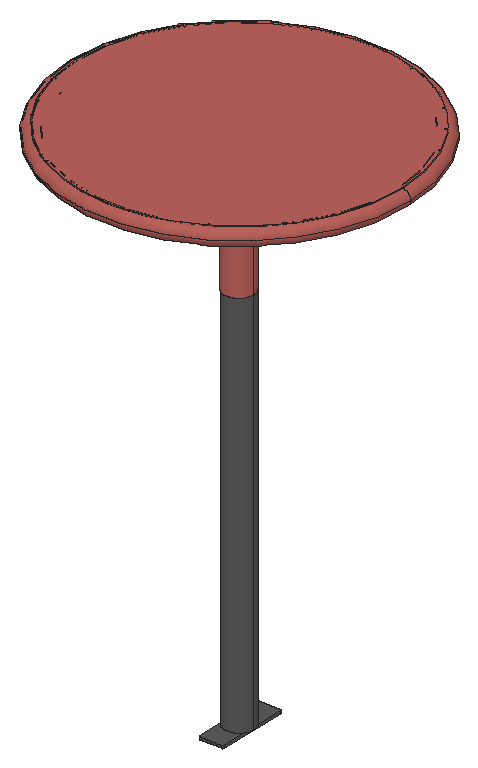
Revit family "product code 61406-F", category Meble, Revit 2021
Family settings
  Numer OmniClass = 23.40.20.00
  Tytuł OmniClass = General Furniture and Specialties
  Oparty na płaszczyźnie roboczej = Nie
  Zawsze pionowo = Tak
  Tnij formami wycięć po wczytaniu = Nie
  Współdzielony = Nie
  Punkt obliczania pomieszczeń = Nie
Parameters (values of type "Sydhavn")
  metal = Kobenhagen RAL 3000
  Width = "70 cm"
  Weight = "25 kg"
  URL = "https://kobenhagen.com/en_US/p/Sydhavn-Stool-30-cm/237"
  Product Line = "Sydhavn"
  Product Groups = "Stools"
  Producent = "Lars Laj"
  Keynote = ""
  Opis = "Sydhavn Stool 30 cm"
  Model = "61406-F"
  Material = "Powder coated steel"
  Maintenance = "We recommend to examine and tighten all screws and bolt clamps after a few weeks’ use. In order to prevent cracks and to extend the life of the wood, it is recommended that the wood details should be oiled every 3-5 years."
  Lenght = "70 cm"
  Type Comments = ""
  Kobenhagen Materials = "larslaj.com/bim"
  Hosted on larslaj.com = "https://larslaj.com/bim"
  Height = "30 cm"
  Domyślna rzędna = 0 mm
  Copyright = "All designs and drawings are the intellectual property of Lars Laj A/S and are protected by Danish and international copyright laws."
Reference planes
  plane 1: z = 0
  plane 2 "Środek (Lewa/Prawa)": x = 0
  plane 3 "Góra": z = 1062.347
  plane 4 "Środek": y = 257.204
Forms (mm)
  Extrusion 1, solid, material "Kobenhagen RAL 3000" <- "metal", not visible
    sketch origin (0, 0, 0) x (0, 1, 0) y (0, 0, 1)
      loop
        arc (71.187, 451.5) -> (57.045, 445.642) -> (51.187, 431.5) r 20
        line (51.187, 431.5) -> (51.187, 18.231)
        arc (51.187, 18.231) -> (56.527, 5.34) -> (69.418, 0) r 18.231
        line (69.418, 0) -> (153.638, 0) -> (153.638, 15) -> (448.638, 15) -> (448.638, 0) -> (527.023, 0)
        arc (527.023, 0) -> (542.307, 6.331) -> (548.638, 21.615) r 21.615
        line (548.638, 21.615) -> (548.638, 429.407)
        arc (548.638, 429.407) -> (542.168, 445.029) -> (526.545, 451.5) r 22.093
        line (526.545, 451.5) -> (71.187, 451.5)
    from 750.378 to 745
  Extrusion 2, solid, material "Kobenhagen RAL 3000" <- "metal", not visible
    sketch origin (0, 0, 0) x (0, 1, 0) y (0, 0, 1)
      loop
        line (548.638, 396.844) -> (629.375, 854.725) -> (601.836, 859.581)
        arc (601.836, 859.581) -> (585.224, 855.898) -> (576.082, 841.547) r 22.232
        line (576.082, 841.547) -> (507.306, 451.5) -> (526.545, 451.5)
        arc (526.545, 451.5) -> (542.168, 445.029) -> (548.638, 429.407) r 22.093
        line (548.638, 429.407) -> (548.638, 396.844)
    from 745 to 750.378
  Extrusion 3, solid, material "Kobenhagen RAL 3000" <- "metal"
    sketch origin (396.607, -18.452, 868.765) x (0, -1, 0) y (1, 0, 0)
      loop
        circle (-275.327, -399.004) r 30.15
      loop
        circle (-275.327, -399.004) r 28.15
    from -599.765 to -868.765
  Extrusion 4, solid, material "Painted Black"
    sketch origin (695.879, -21.874, 0) x (1, 0, 0) y (0, 1, 0)
      loop
        line (-722.97, 354.396) -> (-722.97, 210.396)
        arc (-722.97, 210.396) -> (-722.091, 208.274) -> (-719.97, 207.396) r 3
        line (-719.97, 207.396) -> (-675.97, 207.396)
        arc (-675.97, 207.396) -> (-673.849, 208.274) -> (-672.97, 210.396) r 3
        line (-672.97, 210.396) -> (-672.97, 354.396)
        arc (-672.97, 354.396) -> (-673.849, 356.517) -> (-675.97, 357.396) r 3
        line (-675.97, 357.396) -> (-719.97, 357.396)
        arc (-719.97, 357.396) -> (-722.091, 356.517) -> (-722.97, 354.396) r 3
    from -800 to -795
  Extrusion 5, solid, material "Painted Black"
    sketch origin (396.607, -17.202, 868.765) x (1, 0, 0) y (0, 1, 0)
      loop
        circle (-399.004, 275.327) r 30.15
      loop
        circle (-399.004, 275.327) r 28.15
    from -868.765 to -1663.765
  Extrusion 6, solid, material "Kobenhagen RAL 3000" <- "metal"
    sketch origin (581.466, 257.204, -150.938) x (-1, 0, 0) y (0, 0, 1)
      loop
        line (608.966, 447.188) -> (558.966, 447.188) -> (558.966, 417.188) -> (608.966, 417.188) -> (608.966, 447.188)
      loop
        line (606.966, 445.188) -> (560.966, 445.188) -> (560.966, 419.188) -> (606.966, 419.188) -> (606.966, 445.188)
    from -313.886 to 318.714
  Extrusion 7, solid, material "Kobenhagen RAL 5012", not visible
    sketch origin (-110.268, -19.702, 0) x (0, -1, 0) y (1, 0, 0)
      loop
        circle (-275.327, -399.004) r 30.15
      loop
        circle (-275.327, -399.004) r 28.15
    from 444.1 to 0
  Extrusion 8, solid, material "Kobenhagen RAL 5012", not visible
    sketch origin (239.004, -16.847, 0) x (1, 0, 0) y (0, 1, 0)
      loop
        line (-699.004, 325.327) -> (-799.004, 325.327) -> (-799.004, 225.327) -> (-699.004, 225.327) -> (-699.004, 325.327)
    from 447.05 to 443.488
  Extrusion 9, solid, material "Painted Black", not visible
    sketch origin (189.004, -23.124, 0) x (1, 0, 0) y (0, 1, 0)
      loop
        line (-722.97, 354.396) -> (-722.97, 210.396)
        arc (-722.97, 210.396) -> (-722.091, 208.274) -> (-719.97, 207.396) r 3
        line (-719.97, 207.396) -> (-675.97, 207.396)
        arc (-675.97, 207.396) -> (-673.849, 208.274) -> (-672.97, 210.396) r 3
        line (-672.97, 210.396) -> (-672.97, 354.396)
        arc (-672.97, 354.396) -> (-673.849, 356.517) -> (-675.97, 357.396) r 3
        line (-675.97, 357.396) -> (-719.97, 357.396)
        arc (-719.97, 357.396) -> (-722.091, 356.517) -> (-722.97, 354.396) r 3
    from -800 to -795
  Extrusion 10, solid, material "Painted Black", not visible
    sketch origin (-110.268, -18.452, 0) x (1, 0, 0) y (0, 1, 0)
      loop
        circle (-399.004, 275.327) r 30.15
      loop
        circle (-399.004, 275.327) r 28.15
    from 0 to -795
  Extrusion 11, solid, material "Kobenhagen RAL 3000" <- "metal"
    sketch origin (-5.756, 840.413, -150.938) x (0, -1, 0) y (0, 0, 1)
      loop
        line (608.966, 447.188) -> (558.966, 447.188) -> (558.966, 417.188) -> (608.966, 417.188) -> (608.966, 447.188)
      loop
        line (606.966, 445.188) -> (560.966, 445.188) -> (560.966, 419.188) -> (606.966, 419.188) -> (606.966, 445.188)
    from 21.334 to 313.987
  Extrusion 12, solid, material "Kobenhagen RAL 3000" <- "metal"
    sketch origin (5.756, 841.663, -150.938) x (0, -1, 0) y (0, 0, -1)
      loop
        line (608.966, -447.188) -> (608.966, -417.188) -> (558.966, -417.188) -> (558.966, -447.188) -> (608.966, -447.188)
      loop
        line (606.966, -445.188) -> (606.966, -419.188) -> (560.966, -419.188) -> (560.966, -445.188) -> (606.966, -445.188)
    from 14.744 to 307.1
  Extrusion 13, solid, material "Kobenhagen RAL 3000" <- "metal"
    sketch origin (0, 0, -350) x (1, 0, 0) y (0, 1, 0)
      loop
        circle (-3.444, 259.618) r 333.15
    from 647 to 650
  Sweep 14, solid, material "Kobenhagen RAL 3000" <- "metal"
    path origin (0, 0, 0) x (1, 0, 0) y (0, 1, 0)
      loop
        circle (-3.444, 259.618) r 333.15
    profile origin (-3.444, -73.532, 0) x (0, 1, 0) y (0, 0, 1)
      loop
        circle (0, 283.096) r 16.868
      loop
        circle (0.117, 283.18) r 15.694
Dimensions and locks
  aligned and locked: level to plane 1
